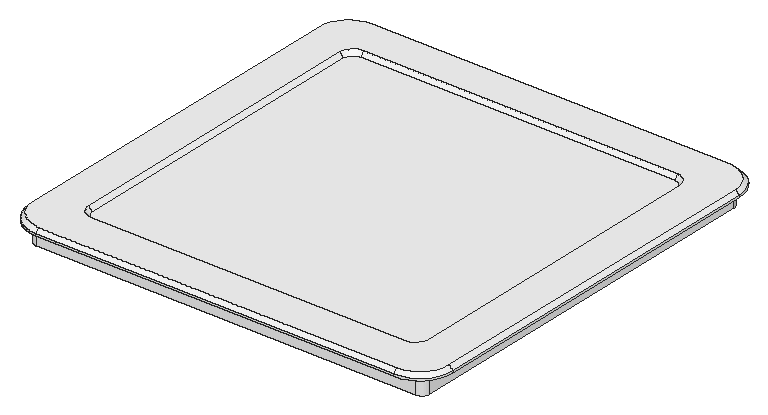
Revit family "0053877 Sylvania Lighting Fixture START eco Downlight Flat Sq 1400lm 830", category Lighting Fixtures, host Face, Revit 2016
Family settings
  Host = Face
  Part Type = Normal
  Round Connector Dimension = Use Diameter
  OmniClass Number = 23.80.70.11.14.11
  OmniClass Title = Downlights
  Cut with Voids When Loaded = No
  Light Source = Yes
  Shared = No
  Room Calculation Point = No
Parameters (values of type "0053877 START eco Downlight Flat Sq 1400lm 830 ")
  Weight = "6.928 kg"
  Wattage Comments = "n/a"
  Wattage = 17 W
  WarrantyStartDate [instance] = "n/a"
  WarrantyGuarantorParts = "n/a"
  WarrantyDurationUnit = "year"
  WarrantyDurationParts = "n/a"
  WarrantyDescription = "n/a"
  built-in parameter 1150110 = 1 (stored number, unit not read)
  Voltage = 230 V
  URL = "http://www.sylvania-lighting.com"
  TypeName = "START eco Downlight Flat Sq 1400lm 830"
  Type Image = <None>
  Type Comments = "n/a"
  built-in parameter 1114217 = 1 (stored number, unit not read)
  Tilt Angle = -90.00°
  built-in parameter 1150109 = 1 (stored number, unit not read)
  built-in parameter 1150134 = (empty or 0)
  built-in parameter 1150113 = 1 (stored number, unit not read)
  SerialNumber [instance] = "n/a"
  RadiusRimII_FEILO = RadiusRimI_FEILO + 2 mm  # 17 mm
  RadiusRimI_FEILO = 15 mm
  ReflectorMaterial = none
  RadiusRecessedI_FEILO = 4 mm
  RecessedHeight_FEILO = 27 mm
  RecessedDiameter_FEILO = 205 mm
  RadiusRecessedII_FEILO = 10 mm
  RadiusDiffuserII_FEILO = 5 mm
  RadiusDiffuserI_FEILO = 7 mm
  PowerFactor = 0
  PowerConsumption = "17 W"
  Photometric Web File = "0053877.ies"
  NominalLength = 225 mm
  NominalHeight = 27 mm
  NominalDepth = 225 mm
  Name = "START eco Downlight Flat Sq 1400lm 830"
  ModelReference = Name  # "START eco Downlight Flat Sq 1400lm 830"
  ModelNumber = "0053877"
  Model = Name  # "START eco Downlight Flat Sq 1400lm 830"
  Material = "Polycarbonate"
  ManufacturerName = "Feilo Sylvania"
  Manufacturer = "Feilo Sylvania"
  LuminousEfficacy = "72 lm/W"
  built-in parameter 1150105 = 420.55 (stored number, unit not read)
  Lumens = 1224 lm
  LuminaireType = "LED recessed downlight"
  built-in parameter 1150115 = 1 (stored number, unit not read)
  LightOutputRatio = "1"
  built-in parameter 1150137 = (empty or 0)
  built-in parameter 1150139 = (empty or 0)
  LampsType = Lamp  # "LED"
  LampNominalLuminous = "1220 lm"
  LampMacAdamStep = "5"
  LampColourTemperature = "3000 K"
  LampColourRenderingIndex = "80"
  built-in parameter 1150112 = 1 (stored number, unit not read)
  built-in parameter 1150114 = 1 (stored number, unit not read)
  Lamp = "LED"
  Keynote = "16500"
  InstallationDate [instance] = "n/a"
  InputVoltage = "220-240V~"
  InputNominalFrequency = "50/60 Hz"
  built-in parameter 1150132 = (empty or 0)
  built-in parameter 1150102 = (empty or 0)
  built-in parameter 1150107 = 3000 (stored number, unit not read)
  built-in parameter 1150138 = (empty or 0)
  IngressProtection = "IP20"
  ImpactProtectionIndex = "IK06"
  built-in parameter 1150106 = 4.2055 (stored number, unit not read)
  IfcExportType = "IfcLightFixtureType"
  IfcExportAs = "IfcLightFixtureType"
  ExpectedLife = 50000
  Emit from Rectangle Width = BodyLength_FEILO - 48 mm  # 172 mm
  Emit from Rectangle Length = BodyLength_FEILO - 48 mm  # 172 mm
  Emit Shape Visible in Rendering = no
  ElectricShockClassification = "Class II"
  built-in parameter 1150104 = 6.689 (stored number, unit not read)
  DurationUnit = "hours"
  DocumentationLiterature = "http://www.sylvania-lighting.com/product/en-int/products/0053877"
  DimmingControlOptions = "Non dimmable"
  Dimming Lamp Color Temperature Shift = <None>
  DiffuserMaterial = Diffuser-Sylvania-Glow
  Description = "Integrated square recessed 225mm x 225mm LED downlight providing uniform distribution with an opal diffuser, 110° beam angle, 1220LM, 17W, 72lm/W, 3000K, CRI80, non-dimmable, IP20, IK06, 25,000hrs (L70)"
  Default Elevation = 1219.2 mm
  CutoutHeight_FEILO = RecessedHeight_FEILO + 10 mm  # 37 mm
  CreatedOn = "'03-11-2017"
  CreatedBy = "aron.fodor@feilosylvania.com"
  Cost = 0
  Color Filter = 16777215
  built-in parameter 1114216 [instance] = (empty or 0)
  ClassificationValue = "EF_70_80"
  ClassificationName = "Uniclass2015"
  BodyWidth_FEILO = BodyLength_FEILO  # 220 mm
  BodyMaterial = Body-Sylvania-SylFlatDimmable-White
  BodyLength_FEILO = 220 mm
  BarCode [instance] = "n/a"
  built-in parameter 1114218 = 1 (stored number, unit not read)
  built-in parameter 1150133 = 10 (stored number, unit not read)
  AssetType = "Fixed"
  AssetIdentifier [instance] = "n/a"
  Assembly Code = "D5020200"
  Apparent Load = 0 VA
  AccessoryMaterial = Diffuser-Sylvania-Glow
Reference planes
  plane 1 "Center (Front/Back)": y = 0
  plane 2: z = 0
  plane 3 "Center (Left/Right)": x = 0
  plane 4: x = 110
  plane 5: x = -110
  plane 6: y = 110
  plane 7: y = -110
  plane 8: z = 3
  plane 9: z = -27
  plane 10: x = 102.5
  plane 11: x = -102.5
  plane 12: y = 102.5
  plane 13: y = -102.5
  plane 14: z = 2
  plane 15: x = -88.5
  plane 16: z = -27
  plane 17: z = -37
  plane 18: x = -78.5
  plane 19: z = -10
  plane 20: z = 1
  plane 21: x = -108
  plane 22: x = -86.5
  plane 23: y = 88.5
  plane 24: y = -88.5
  plane 25: x = 88.5
  plane 26: x = 86.5
  plane 27: y = 86.5
  plane 28: y = -86.5
  plane 29: y = 78.5
  plane 30: x = 78.5
  plane 31: y = -78.5
  plane 32: y = 108
  plane 33: x = 108
  plane 34: y = -108
Forms (mm)
  Extrusion 1, void
    sketch origin (0, 0, 0) x (1, 0, 0) y (0, 1, 0)
      loop
        line (-102.5, 102.5) -> (-102.5, -102.5) -> (102.5, -102.5) -> (102.5, 102.5) -> (-102.5, 102.5)
    from -37 to 0
  Blend 2, solid, material "Body-Sylvania-SylFlatDimmable-White" <- "BodyMaterial"
    base sketch origin (1223.4, -4572, 3) x (0, -1, 0) y (1, 0, 0)
      loop
        arc (-4680, -1316.4) -> (-4675.607, -1327.007) -> (-4665, -1331.4) r 15
        line (-4665, -1331.4) -> (-4479, -1331.4)
        arc (-4479, -1331.4) -> (-4468.393, -1327.007) -> (-4464, -1316.4) r 15
        line (-4464, -1316.4) -> (-4464, -1130.4)
        arc (-4464, -1130.4) -> (-4468.393, -1119.793) -> (-4479, -1115.4) r 15
        line (-4479, -1115.4) -> (-4665, -1115.4)
        arc (-4665, -1115.4) -> (-4675.607, -1119.793) -> (-4680, -1130.4) r 15
        line (-4680, -1130.4) -> (-4680, -1316.4)
    top sketch origin (1223.4, -4572, 3) x (0, -1, 0) y (1, 0, 0)
      loop
        arc (-4682, -1316.4) -> (-4677.021, -1328.421) -> (-4665, -1333.4) r 17
        line (-4665, -1333.4) -> (-4479, -1333.4)
        arc (-4479, -1333.4) -> (-4466.979, -1328.421) -> (-4462, -1316.4) r 17
        line (-4462, -1316.4) -> (-4462, -1130.4)
        arc (-4462, -1130.4) -> (-4466.979, -1118.379) -> (-4479, -1113.4) r 17
        line (-4479, -1113.4) -> (-4665, -1113.4)
        arc (-4665, -1113.4) -> (-4677.021, -1118.379) -> (-4682, -1130.4) r 17
        line (-4682, -1130.4) -> (-4682, -1316.4)
    from 0 to -2
  Extrusion 3, solid, material "Body-Sylvania-SylFlatDimmable-White" <- "BodyMaterial"
    sketch origin (1223.4, -4572, 1) x (0, -1, 0) y (-1, 0, 0)
      loop
        arc (-4665, 1333.4) -> (-4677.021, 1328.421) -> (-4682, 1316.4) r 17
        line (-4682, 1316.4) -> (-4682, 1130.4)
        arc (-4682, 1130.4) -> (-4677.021, 1118.379) -> (-4665, 1113.4) r 17
        line (-4665, 1113.4) -> (-4479, 1113.4)
        arc (-4479, 1113.4) -> (-4466.979, 1118.379) -> (-4462, 1130.4) r 17
        line (-4462, 1130.4) -> (-4462, 1316.4)
        arc (-4462, 1316.4) -> (-4466.979, 1328.421) -> (-4479, 1333.4) r 17
        line (-4479, 1333.4) -> (-4665, 1333.4)
    from 0 to 1
  Extrusion 4, solid, material "Body-Sylvania-SylFlatDimmable-White" <- "BodyMaterial"
    sketch origin (0, 0, 0) x (1, 0, 0) y (0, 1, 0)
      loop
        arc (-98.5, 102.5) -> (-101.328, 101.328) -> (-102.5, 98.5) r 4
        line (-102.5, 98.5) -> (-102.5, -98.5)
        arc (-102.5, -98.5) -> (-101.328, -101.328) -> (-98.5, -102.5) r 4
        line (-98.5, -102.5) -> (98.5, -102.5)
        arc (98.5, -102.5) -> (101.328, -101.328) -> (102.5, -98.5) r 4
        line (102.5, -98.5) -> (102.5, 98.5)
        arc (102.5, 98.5) -> (101.328, 101.328) -> (98.5, 102.5) r 4
        line (98.5, 102.5) -> (-98.5, 102.5)
    from 0 to -10
  Blend 5, solid, material "Body-Sylvania-SylFlatDimmable-White" <- "BodyMaterial"
    base sketch origin (1223.4, -4572, -10) x (0, -1, 0) y (1, 0, 0)
      loop
        arc (-4660.5, -1301.9) -> (-4657.571, -1308.971) -> (-4650.5, -1311.9) r 10
        line (-4650.5, -1311.9) -> (-4493.5, -1311.9)
        arc (-4493.5, -1311.9) -> (-4486.429, -1308.971) -> (-4483.5, -1301.9) r 10
        line (-4483.5, -1301.9) -> (-4483.5, -1144.9)
        arc (-4483.5, -1144.9) -> (-4486.429, -1137.829) -> (-4493.5, -1134.9) r 10
        line (-4493.5, -1134.9) -> (-4650.5, -1134.9)
        arc (-4650.5, -1134.9) -> (-4657.571, -1137.829) -> (-4660.5, -1144.9) r 10
        line (-4660.5, -1144.9) -> (-4660.5, -1301.9)
    top sketch origin (1223.4, -4572, -10) x (0, -1, 0) y (1, 0, 0)
      loop
        arc (-4650.5, -1291.9) -> (-4647.571, -1298.971) -> (-4640.5, -1301.9) r 10
        line (-4640.5, -1301.9) -> (-4503.5, -1301.9)
        arc (-4503.5, -1301.9) -> (-4496.429, -1298.971) -> (-4493.5, -1291.9) r 10
        line (-4493.5, -1291.9) -> (-4493.5, -1154.9)
        arc (-4493.5, -1154.9) -> (-4496.429, -1147.829) -> (-4503.5, -1144.9) r 10
        line (-4503.5, -1144.9) -> (-4640.5, -1144.9)
        arc (-4640.5, -1144.9) -> (-4647.571, -1147.829) -> (-4650.5, -1154.9) r 10
        line (-4650.5, -1154.9) -> (-4650.5, -1291.9)
    from 0 to -17
  Blend 6, void
    base sketch origin (1223.4, -4572, 3) x (-1, 0, 0) y (0, -1, 0)
      loop
        arc (1304.9, -4660.5) -> (1309.85, -4658.45) -> (1311.9, -4653.5) r 7
        line (1311.9, -4653.5) -> (1311.9, -4490.5)
        arc (1311.9, -4490.5) -> (1309.85, -4485.55) -> (1304.9, -4483.5) r 7
        line (1304.9, -4483.5) -> (1141.9, -4483.5)
        arc (1141.9, -4483.5) -> (1136.95, -4485.55) -> (1134.9, -4490.5) r 7
        line (1134.9, -4490.5) -> (1134.9, -4653.5)
        arc (1134.9, -4653.5) -> (1136.95, -4658.45) -> (1141.9, -4660.5) r 7
        line (1141.9, -4660.5) -> (1304.9, -4660.5)
    top sketch origin (1223.4, -4572, 3) x (-1, 0, 0) y (0, -1, 0)
      loop
        arc (1304.9, -4658.5) -> (1308.436, -4657.036) -> (1309.9, -4653.5) r 5
        line (1309.9, -4653.5) -> (1309.9, -4490.5)
        arc (1309.9, -4490.5) -> (1308.436, -4486.964) -> (1304.9, -4485.5) r 5
        line (1304.9, -4485.5) -> (1141.9, -4485.5)
        arc (1141.9, -4485.5) -> (1138.364, -4486.964) -> (1136.9, -4490.5) r 5
        line (1136.9, -4490.5) -> (1136.9, -4653.5)
        arc (1136.9, -4653.5) -> (1138.364, -4657.036) -> (1141.9, -4658.5) r 5
        line (1141.9, -4658.5) -> (1304.9, -4658.5)
    from 0 to -2
Cuts and joins
  Blend 6 cuts Blend 2
Dimensions and locks
  equal spacing: plane 5, plane 3 "Center (Left/Right)", plane 4
  equal spacing: plane 7, plane 1 "Center (Front/Back)", plane 6
  "BodyWidth_FEILO": plane 7 to plane 6
  "BodyLength_FEILO": plane 5 to plane 4
  locked: plane 8 to plane 2 at 3
  equal spacing: plane 11, plane 3 "Center (Left/Right)", plane 10
  "RecessedDiameter_FEILO": plane 11 to plane 10
  equal spacing: plane 13, plane 1 "Center (Front/Back)", plane 12
  "RecessedDiameter_FEILO": plane 13 to plane 12
  locked: plane 14 to plane 2 at 2
  "RecessedHeight_FEILO": plane 2 to plane 16
  "CutoutHeight_FEILO": plane 2 to plane 17
  locked: plane 2 to plane 19 at 10
  locked: plane 20 to plane 2 at 1
  locked: plane 5 to plane 21 at 2
  locked: plane 11 to plane 15 at 14
  locked: plane 15 to plane 22 at 2
  locked: plane 22 to plane 18 at 8
  locked: plane 23 to plane 12 at 14
  locked: plane 27 to plane 23 at 2
  locked: plane 29 to plane 27 at 8
  equal spacing: plane 18, plane 3 "Center (Left/Right)", plane 30
  equal spacing: plane 22, plane 3 "Center (Left/Right)", plane 26
  equal spacing: plane 15, plane 3 "Center (Left/Right)", plane 25
  equal spacing: plane 31, plane 1 "Center (Front/Back)", plane 29
  equal spacing: plane 28, plane 1 "Center (Front/Back)", plane 27
  equal spacing: plane 24, plane 1 "Center (Front/Back)", plane 23
  equal spacing: plane 34, plane 1 "Center (Front/Back)", plane 32
  locked: plane 32 to plane 6 at 2
  equal spacing: plane 21, plane 3 "Center (Left/Right)", plane 33
  "RadiusRimI_FEILO": radius of Blend 2 sketch curve  (x4)
  "RadiusRimII_FEILO": radius of Blend 2 sketch curve  (x4)
  "RadiusRecessedI_FEILO": radius of Extrusion 4 sketch curve  (x4)
  "RadiusRecessedII_FEILO": radius of Blend 5 sketch curve  (x8)
  "RadiusDiffuserI_FEILO": radius of Blend 6 sketch curve  (x4)
  "RadiusDiffuserII_FEILO": radius of Blend 6 sketch curve  (x4)
  aligned and locked: plane 2 to host face
  aligned and locked: level to host face
  aligned and locked: plane 3 "Center (Left/Right)" to imposter light
  aligned and locked: imposter light to plane 14
  aligned and locked: imposter light to plane 1 "Center (Front/Back)"
  aligned and locked: plane 12 to Extrusion 1 sketch curve
  aligned and locked: plane 11 to Extrusion 1 sketch curve
  aligned and locked: Extrusion 1 sketch curve to plane 13
  aligned and locked: Extrusion 1 sketch curve to plane 10
  aligned and locked: plane 17 to Extrusion 1
  aligned and locked: level to Extrusion 1
  aligned and locked: Blend 2 sketch curve to plane 21
  aligned and locked: plane 34 to Blend 2 sketch curve
  aligned and locked: plane 33 to Blend 2 sketch curve
  aligned and locked: plane 32 to Blend 2 sketch curve
  aligned and locked: Blend 2 sketch curve to plane 6
  aligned and locked: Blend 2 sketch curve to plane 5
  aligned and locked: plane 7 to Blend 2 sketch curve
  aligned and locked: plane 4 to Blend 2 sketch curve
  aligned and locked: plane 20 to Blend 2
  aligned and locked: Blend 2 to plane 8
  aligned and locked: Extrusion 3 sketch curve to Blend 2  (x4)
  aligned and locked: Extrusion 3 to plane 20
  aligned and locked: Extrusion 3 to level
  aligned and locked: plane 12 to Extrusion 4 sketch curve
  aligned and locked: plane 11 to Extrusion 4 sketch curve
  aligned and locked: Extrusion 4 sketch curve to plane 13
  aligned and locked: Extrusion 4 sketch curve to plane 10
  aligned and locked: level to Extrusion 4
  aligned and locked: plane 19 to Extrusion 4
  aligned and locked: Blend 5 sketch curve to plane 15
  aligned and locked: plane 24 to Blend 5 sketch curve
  aligned and locked: plane 25 to Blend 5 sketch curve
  aligned and locked: plane 23 to Blend 5 sketch curve
  aligned and locked: Blend 5 sketch curve to plane 29
  aligned and locked: Blend 5 sketch curve to plane 18
  aligned and locked: plane 31 to Blend 5 sketch curve
  aligned and locked: plane 30 to Blend 5 sketch curve
  aligned and locked: plane 19 to Blend 5
  aligned and locked: plane 9 to Blend 5
  aligned and locked: Blend 6 sketch curve to plane 24
  aligned and locked: Blend 6 sketch curve to plane 25
  aligned and locked: plane 23 to Blend 6 sketch curve
  aligned and locked: plane 15 to Blend 6 sketch curve
  aligned and locked: Blend 6 sketch curve to plane 28
  aligned and locked: Blend 6 sketch curve to plane 26
  aligned and locked: plane 27 to Blend 6 sketch curve
  aligned and locked: plane 22 to Blend 6 sketch curve
  aligned and locked: plane 20 to Blend 6
  aligned and locked: Blend 6 to plane 8
Automatic sketch dimensions
  host sketch curve to host sketch curve = 2438.4 mm  (x2)
Connectors
  electrical at (0, 0, 0), driven by "Apparent Load", driven by "PowerFactor", driven by "Voltage"
    settings: index 1, voltage 230 V, apparent load 0 VA, apparent load phase1 0 VA, apparent load phase2 0 VA, apparent load phase3 0 VA, power factor 0, load classification "Lighting", number of poles 1, system type 30, power factor state 1, is connector primary yes, connector utility no, sub classification motor no, connector description ""
